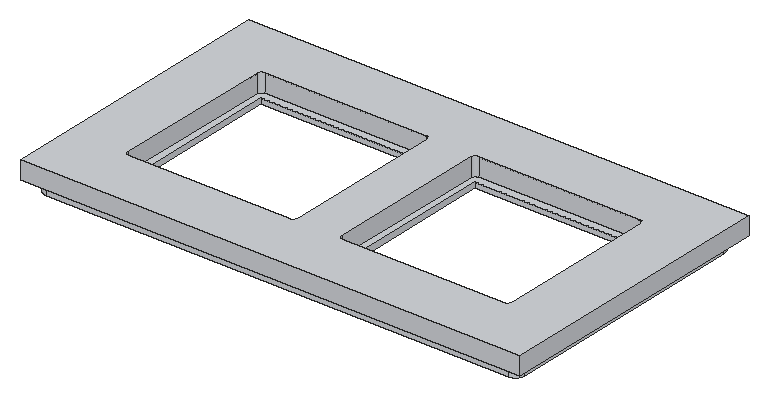
Revit family "Gira_021217", category Electrical Fixtures, host Face, Revit 2017
Family settings
  Host = Face
  Maintain Annotation Orientation = No
  Round Connector Dimension = Use Diameter
  Part Type = Normal
  Cut with Voids When Loaded = No
  Shared = No
  Room Calculation Point = No
Parameters (values of type "Cov.fr. 2-g Gira Esprit alum.")
  With mounting grid = "No"
  With hinged lid = "No"
  URL = "http://katalog.gira.de/en/datenblatt.html?artikelnr=021217"
  Type of fastening = "Clamp mounting"
  Transparent = "No"
  Surface protection = "Other"
  Suitable for wall duct = "No"
  Suitable for flush-mounted installation = "Yes"
  Suitable for floor box = "No"
  Suitable for built-in installation = "No"
  Number of units vertical = "2"
  Number of units horizontal = "2"
  Number of units = "2"
  Name = "Cov.fr. 2-g Gira Esprit alum."
  Mounting direction = "Horizontal and vertical"
  Material quality = "Aluminium"
  Material = "Metal"
  Manufacturer URL = "https://www.gira.de/"
  Manufacturer = "Gira"
  Label space/information surface = "No"
  Keynote = ""
  HeinzeBIM = "https://bimportal.heinze.de/bim/cov-fr-2-g-gira-esprit-alum-/00f9ca7809b636a745691270ea4f8becc280146c"
  Halogen free = "No"
  HAN = "021217"
  GTIN = "4010337212171"
  Description = "Cov.fr.2g Espr. AL,Gira Esprit cover frame,Aluminium,2-gang,Features:,- Anodised aluminium E 1 EV 1."
  Degree of protection (IP) = "IP20"
  Default Elevation = 1219.2 mm
  Data sheet (1) = "https://katalog.gira.de/en/download.html?artikelnr=021217"
  Colour = "Aluminium"
  Category = "Cover frame for domestic switching devices"
  BIM (1) = "https://media.stage.bim.site/public/gira/36a6b08/Espr._Rahmen_2fach.rfa"
  Available = "No"
Reference planes
  plane 1 "Center (Front/Back)": y = 0
  plane 2: z = 0
  plane 3 "Center (Left/Right)": x = 0
Forms (mm)
  Extrusion 1, solid, detail levels fine
    sketch origin (0, 0, 0) x (1, 0, 0) y (0, 1, 0)
      loop
        line (-83, 47.5) -> (-83, -47.5) -> (83, -47.5) -> (83, 47.5) -> (-83, 47.5)
      loop
        arc (-63.75, -26.7) -> (-63.311, -27.761) -> (-62.25, -28.2) r 1.5
        line (-62.25, -28.2) -> (-8.85, -28.2)
        arc (-8.85, -28.2) -> (-7.789, -27.761) -> (-7.35, -26.7) r 1.5
        line (-7.35, -26.7) -> (-7.35, 26.7)
        arc (-7.35, 26.7) -> (-7.789, 27.761) -> (-8.85, 28.2) r 1.5
        line (-8.85, 28.2) -> (-62.25, 28.2)
        arc (-62.25, 28.2) -> (-63.311, 27.761) -> (-63.75, 26.7) r 1.5
        line (-63.75, 26.7) -> (-63.75, -26.7)
      loop
        line (63.75, -26.7) -> (63.75, 26.7)
        arc (63.75, 26.7) -> (63.311, 27.761) -> (62.25, 28.2) r 1.5
        line (62.25, 28.2) -> (8.85, 28.2)
        arc (8.85, 28.2) -> (7.789, 27.761) -> (7.35, 26.7) r 1.5
        line (7.35, 26.7) -> (7.35, -26.7)
        arc (7.35, -26.7) -> (7.789, -27.761) -> (8.85, -28.2) r 1.5
        line (8.85, -28.2) -> (62.25, -28.2)
        arc (62.25, -28.2) -> (63.311, -27.761) -> (63.75, -26.7) r 1.5
    from 0 to 6
  Extrusion 2, solid, detail levels fine
    sketch origin (0, 0, 0) x (1, 0, 0) y (0, 1, 0)
      loop
        line (-61.45, -25.7) -> (-9.65, -25.7) -> (-9.65, 25.7) -> (-61.45, 25.7) -> (-61.45, -25.7)
      loop
        line (61.45, 25.7) -> (9.65, 25.7) -> (9.65, -25.7) -> (61.45, -25.7) -> (61.45, 25.7)
      loop
        arc (-78.454, -41.3) -> (-77.927, -42.573) -> (-76.654, -43.1) r 1.8
        line (-76.654, -43.1) -> (76.654, -43.1)
        arc (76.654, -43.1) -> (77.927, -42.573) -> (78.454, -41.3) r 1.8
        line (78.454, -41.3) -> (78.454, 41.3)
        arc (78.454, 41.3) -> (77.927, 42.573) -> (76.654, 43.1) r 1.8
        line (76.654, 43.1) -> (-76.654, 43.1)
        arc (-76.654, 43.1) -> (-77.927, 42.573) -> (-78.454, 41.3) r 1.8
        line (-78.454, 41.3) -> (-78.454, -41.3)
    from -1.9 to 0
  Extrusion 3, solid, detail levels fine
    sketch origin (0, 0, 0) x (1, 0, 0) y (0, 1, 0)
      loop
        arc (-76.75, 44.4) -> (-78.871, 43.521) -> (-79.75, 41.4) r 3
        line (-79.75, 41.4) -> (-79.75, -41.4)
        arc (-79.75, -41.4) -> (-78.871, -43.521) -> (-76.75, -44.4) r 3
        line (-76.75, -44.4) -> (76.75, -44.4)
        arc (76.75, -44.4) -> (78.871, -43.521) -> (79.75, -41.4) r 3
        line (79.75, -41.4) -> (79.75, 41.4)
        arc (79.75, 41.4) -> (78.871, 43.521) -> (76.75, 44.4) r 3
        line (76.75, 44.4) -> (-76.75, 44.4)
      loop
        arc (-78.55, -41.4) -> (-78.023, -42.673) -> (-76.75, -43.2) r 1.8
        line (-76.75, -43.2) -> (76.75, -43.2)
        arc (76.75, -43.2) -> (78.023, -42.673) -> (78.55, -41.4) r 1.8
        line (78.55, -41.4) -> (78.55, 41.4)
        arc (78.55, 41.4) -> (78.023, 42.673) -> (76.75, 43.2) r 1.8
        line (76.75, 43.2) -> (-76.75, 43.2)
        arc (-76.75, 43.2) -> (-78.023, 42.673) -> (-78.55, 41.4) r 1.8
        line (-78.55, 41.4) -> (-78.55, -41.4)
    from -3.7 to 0
  Extrusion 4, solid, detail levels medium
    sketch origin (0, 0, 0) x (1, 0, 0) y (0, 1, 0)
      loop
        line (-83, 47.5) -> (-83, -47.5) -> (83, -47.5) -> (83, 47.5) -> (-83, 47.5)
    from 0 to 6
  Extrusion 5, solid, detail levels medium
    sketch origin (0, 0, 0) x (1, 0, 0) y (0, 1, 0)
      loop
        line (-79.75, 44.4) -> (-79.75, -44.4) -> (79.75, -44.4) -> (79.75, 44.4) -> (-79.75, 44.4)
    from -3.7 to 0
  Extrusion 6, solid, detail levels coarse
    sketch origin (0, 0, 0) x (1, 0, 0) y (0, 1, 0)
      loop
        line (-83, 47.5) -> (-83, -47.5) -> (83, -47.5) -> (83, 47.5) -> (-83, 47.5)
    from -3.7 to 6
Dimensions and locks
  aligned and locked: plane 2 to host face
  aligned and locked: level to host face
